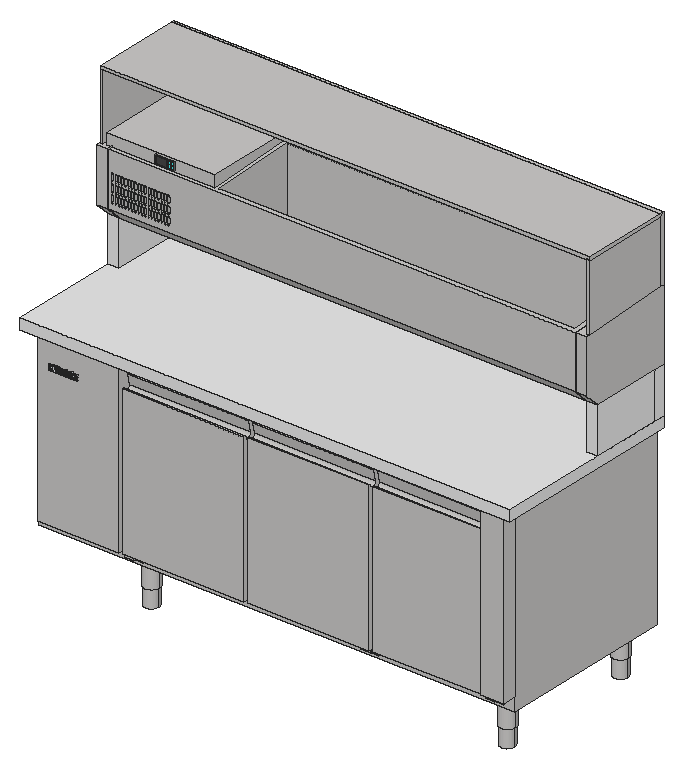
Revit family "QF_ELECTROLUXPROFESSIONAL_725190_RCSH3D", category Attrezzature speciali, Revit 2021 (continued)
Definition of nested family "ELX_REF_PZ"
  Lines and regions (mm)
    Split face 33
      outline origin (0, -200, 50) x (1, 0, 0) y (0, 1, 0)
        loop
          arc (-163.464, 227.824) -> (-167.464, 223.824) -> (-163.464, 219.824) r 4
          line (-163.464, 219.824) -> (-121.464, 219.824)
          arc (-121.464, 219.824) -> (-117.464, 223.824) -> (-121.464, 227.824) r 4
          line (-121.464, 227.824) -> (-163.464, 227.824)
    Split face 34
      outline origin (330, -200, 50) x (1, 0, 0) y (0, 1, 0)
        loop
          arc (-328.464, 227.824) -> (-332.464, 223.824) -> (-328.464, 219.824) r 4
          line (-328.464, 219.824) -> (-286.464, 219.824)
          arc (-286.464, 219.824) -> (-282.464, 223.824) -> (-286.464, 227.824) r 4
          line (-286.464, 227.824) -> (-328.464, 227.824)
    Split face 35
      outline origin (110, -200, 50) x (1, 0, 0) y (0, 1, 0)
        loop
          arc (-218.464, 227.824) -> (-222.464, 223.824) -> (-218.464, 219.824) r 4
          line (-218.464, 219.824) -> (-176.464, 219.824)
          arc (-176.464, 219.824) -> (-172.464, 223.824) -> (-176.464, 227.824) r 4
          line (-176.464, 227.824) -> (-218.464, 227.824)
    Split face 36
      outline origin (220, -200, 50) x (1, 0, 0) y (0, 1, 0)
        loop
          arc (-273.464, 227.824) -> (-277.464, 223.824) -> (-273.464, 219.824) r 4
          line (-273.464, 219.824) -> (-231.464, 219.824)
          arc (-231.464, 219.824) -> (-227.464, 223.824) -> (-231.464, 227.824) r 4
          line (-231.464, 227.824) -> (-273.464, 227.824)
    Split face 37
      outline origin (0, -224, 50) x (1, 0, 0) y (0, 1, 0)
        loop
          arc (-163.464, 239.824) -> (-167.464, 235.824) -> (-163.464, 231.824) r 4
          line (-163.464, 231.824) -> (-121.464, 231.824)
          arc (-121.464, 231.824) -> (-117.464, 235.824) -> (-121.464, 239.824) r 4
          line (-121.464, 239.824) -> (-163.464, 239.824)
    Split face 38
      outline origin (330, -224, 50) x (1, 0, 0) y (0, 1, 0)
        loop
          arc (-328.464, 239.824) -> (-332.464, 235.824) -> (-328.464, 231.824) r 4
          line (-328.464, 231.824) -> (-286.464, 231.824)
          arc (-286.464, 231.824) -> (-282.464, 235.824) -> (-286.464, 239.824) r 4
          line (-286.464, 239.824) -> (-328.464, 239.824)
    Split face 39
      outline origin (110, -224, 50) x (1, 0, 0) y (0, 1, 0)
        loop
          arc (-218.464, 239.824) -> (-222.464, 235.824) -> (-218.464, 231.824) r 4
          line (-218.464, 231.824) -> (-176.464, 231.824)
          arc (-176.464, 231.824) -> (-172.464, 235.824) -> (-176.464, 239.824) r 4
          line (-176.464, 239.824) -> (-218.464, 239.824)
    Split face 40
      outline origin (220, -224, 50) x (1, 0, 0) y (0, 1, 0)
        loop
          arc (-273.464, 239.824) -> (-277.464, 235.824) -> (-273.464, 231.824) r 4
          line (-273.464, 231.824) -> (-231.464, 231.824)
          arc (-231.464, 231.824) -> (-227.464, 235.824) -> (-231.464, 239.824) r 4
          line (-231.464, 239.824) -> (-273.464, 239.824)
    Split face 41
      outline origin (0, -248, 50) x (1, 0, 0) y (0, 1, 0)
        loop
          arc (-163.464, 251.824) -> (-167.464, 247.824) -> (-163.464, 243.824) r 4
          line (-163.464, 243.824) -> (-121.464, 243.824)
          arc (-121.464, 243.824) -> (-117.464, 247.824) -> (-121.464, 251.824) r 4
          line (-121.464, 251.824) -> (-163.464, 251.824)
    Split face 42
      outline origin (330, -248, 50) x (1, 0, 0) y (0, 1, 0)
        loop
          arc (-328.464, 251.824) -> (-332.464, 247.824) -> (-328.464, 243.824) r 4
          line (-328.464, 243.824) -> (-286.464, 243.824)
          arc (-286.464, 243.824) -> (-282.464, 247.824) -> (-286.464, 251.824) r 4
          line (-286.464, 251.824) -> (-328.464, 251.824)
    Split face 43
      outline origin (110, -248, 50) x (1, 0, 0) y (0, 1, 0)
        loop
          arc (-218.464, 251.824) -> (-222.464, 247.824) -> (-218.464, 243.824) r 4
          line (-218.464, 243.824) -> (-176.464, 243.824)
          arc (-176.464, 243.824) -> (-172.464, 247.824) -> (-176.464, 251.824) r 4
          line (-176.464, 251.824) -> (-218.464, 251.824)
    Split face 44
      outline origin (220, -248, 50) x (1, 0, 0) y (0, 1, 0)
        loop
          arc (-273.464, 251.824) -> (-277.464, 247.824) -> (-273.464, 243.824) r 4
          line (-273.464, 243.824) -> (-231.464, 243.824)
          arc (-231.464, 243.824) -> (-227.464, 247.824) -> (-231.464, 251.824) r 4
          line (-231.464, 251.824) -> (-273.464, 251.824)
    Split face 45
      outline origin (0, -272, 50) x (1, 0, 0) y (0, 1, 0)
        loop
          arc (-163.464, 263.824) -> (-167.464, 259.824) -> (-163.464, 255.824) r 4
          line (-163.464, 255.824) -> (-121.464, 255.824)
          arc (-121.464, 255.824) -> (-117.464, 259.824) -> (-121.464, 263.824) r 4
          line (-121.464, 263.824) -> (-163.464, 263.824)
    Split face 46
      outline origin (330, -272, 50) x (1, 0, 0) y (0, 1, 0)
        loop
          arc (-328.464, 263.824) -> (-332.464, 259.824) -> (-328.464, 255.824) r 4
          line (-328.464, 255.824) -> (-286.464, 255.824)
          arc (-286.464, 255.824) -> (-282.464, 259.824) -> (-286.464, 263.824) r 4
          line (-286.464, 263.824) -> (-328.464, 263.824)
    Split face 47
      outline origin (110, -272, 50) x (1, 0, 0) y (0, 1, 0)
        loop
          arc (-218.464, 263.824) -> (-222.464, 259.824) -> (-218.464, 255.824) r 4
          line (-218.464, 255.824) -> (-176.464, 255.824)
          arc (-176.464, 255.824) -> (-172.464, 259.824) -> (-176.464, 263.824) r 4
          line (-176.464, 263.824) -> (-218.464, 263.824)
    Split face 48
      outline origin (220, -272, 50) x (1, 0, 0) y (0, 1, 0)
        loop
          arc (-273.464, 263.824) -> (-277.464, 259.824) -> (-273.464, 255.824) r 4
          line (-273.464, 255.824) -> (-231.464, 255.824)
          arc (-231.464, 255.824) -> (-227.464, 259.824) -> (-231.464, 263.824) r 4
          line (-231.464, 263.824) -> (-273.464, 263.824)
    Split face 49
      outline origin (0, -296, 50) x (1, 0, 0) y (0, 1, 0)
        loop
          arc (-163.464, 275.824) -> (-167.464, 271.824) -> (-163.464, 267.824) r 4
          line (-163.464, 267.824) -> (-121.464, 267.824)
          arc (-121.464, 267.824) -> (-117.464, 271.824) -> (-121.464, 275.824) r 4
          line (-121.464, 275.824) -> (-163.464, 275.824)
    Split face 50
      outline origin (330, -296, 50) x (1, 0, 0) y (0, 1, 0)
        loop
          arc (-328.464, 275.824) -> (-332.464, 271.824) -> (-328.464, 267.824) r 4
          line (-328.464, 267.824) -> (-286.464, 267.824)
          arc (-286.464, 267.824) -> (-282.464, 271.824) -> (-286.464, 275.824) r 4
          line (-286.464, 275.824) -> (-328.464, 275.824)
    Split face 51
      outline origin (110, -296, 50) x (1, 0, 0) y (0, 1, 0)
        loop
          arc (-218.464, 275.824) -> (-222.464, 271.824) -> (-218.464, 267.824) r 4
          line (-218.464, 267.824) -> (-176.464, 267.824)
          arc (-176.464, 267.824) -> (-172.464, 271.824) -> (-176.464, 275.824) r 4
          line (-176.464, 275.824) -> (-218.464, 275.824)
    Split face 52
      outline origin (220, -296, 50) x (1, 0, 0) y (0, 1, 0)
        loop
          arc (-273.464, 275.824) -> (-277.464, 271.824) -> (-273.464, 267.824) r 4
          line (-273.464, 267.824) -> (-231.464, 267.824)
          arc (-231.464, 267.824) -> (-227.464, 271.824) -> (-231.464, 275.824) r 4
          line (-231.464, 275.824) -> (-273.464, 275.824)
    Split face 53
      outline origin (0, -663.3, 50) x (1, 0, 0) y (0, 1, 0)
        loop
          arc (-163.464, 513.474) -> (-167.464, 509.474) -> (-163.464, 505.474) r 4
          line (-163.464, 505.474) -> (-121.464, 505.474)
          arc (-121.464, 505.474) -> (-117.464, 509.474) -> (-121.464, 513.474) r 4
          line (-121.464, 513.474) -> (-163.464, 513.474)
    Split face 54
      outline origin (330, -663.3, 50) x (1, 0, 0) y (0, 1, 0)
        loop
          arc (-328.464, 513.474) -> (-332.464, 509.474) -> (-328.464, 505.474) r 4
          line (-328.464, 505.474) -> (-286.464, 505.474)
          arc (-286.464, 505.474) -> (-282.464, 509.474) -> (-286.464, 513.474) r 4
          line (-286.464, 513.474) -> (-328.464, 513.474)
    Split face 55
      outline origin (110, -663.3, 50) x (1, 0, 0) y (0, 1, 0)
        loop
          arc (-218.464, 513.474) -> (-222.464, 509.474) -> (-218.464, 505.474) r 4
          line (-218.464, 505.474) -> (-176.464, 505.474)
          arc (-176.464, 505.474) -> (-172.464, 509.474) -> (-176.464, 513.474) r 4
          line (-176.464, 513.474) -> (-218.464, 513.474)
    Split face 56
      outline origin (220, -663.3, 50) x (1, 0, 0) y (0, 1, 0)
        loop
          arc (-273.464, 513.474) -> (-277.464, 509.474) -> (-273.464, 505.474) r 4
          line (-273.464, 505.474) -> (-231.464, 505.474)
          arc (-231.464, 505.474) -> (-227.464, 509.474) -> (-231.464, 513.474) r 4
          line (-231.464, 513.474) -> (-273.464, 513.474)
    Split face 57
      outline origin (0, -687.3, 50) x (1, 0, 0) y (0, 1, 0)
        loop
          arc (-163.464, 525.474) -> (-167.464, 521.474) -> (-163.464, 517.474) r 4
          line (-163.464, 517.474) -> (-121.464, 517.474)
          arc (-121.464, 517.474) -> (-117.464, 521.474) -> (-121.464, 525.474) r 4
          line (-121.464, 525.474) -> (-163.464, 525.474)
    Split face 58
      outline origin (330, -687.3, 50) x (1, 0, 0) y (0, 1, 0)
        loop
          arc (-328.464, 525.474) -> (-332.464, 521.474) -> (-328.464, 517.474) r 4
          line (-328.464, 517.474) -> (-286.464, 517.474)
          arc (-286.464, 517.474) -> (-282.464, 521.474) -> (-286.464, 525.474) r 4
          line (-286.464, 525.474) -> (-328.464, 525.474)
    Split face 59
      outline origin (110, -687.3, 50) x (1, 0, 0) y (0, 1, 0)
        loop
          arc (-218.464, 525.474) -> (-222.464, 521.474) -> (-218.464, 517.474) r 4
          line (-218.464, 517.474) -> (-176.464, 517.474)
          arc (-176.464, 517.474) -> (-172.464, 521.474) -> (-176.464, 525.474) r 4
          line (-176.464, 525.474) -> (-218.464, 525.474)
    Split face 60
      outline origin (220, -687.3, 50) x (1, 0, 0) y (0, 1, 0)
        loop
          arc (-273.464, 525.474) -> (-277.464, 521.474) -> (-273.464, 517.474) r 4
          line (-273.464, 517.474) -> (-231.464, 517.474)
          arc (-231.464, 517.474) -> (-227.464, 521.474) -> (-231.464, 525.474) r 4
          line (-231.464, 525.474) -> (-273.464, 525.474)
    Split face 61
      outline origin (0, -711.3, 50) x (1, 0, 0) y (0, 1, 0)
        loop
          arc (-163.464, 537.474) -> (-167.464, 533.474) -> (-163.464, 529.474) r 4
          line (-163.464, 529.474) -> (-121.464, 529.474)
          arc (-121.464, 529.474) -> (-117.464, 533.474) -> (-121.464, 537.474) r 4
          line (-121.464, 537.474) -> (-163.464, 537.474)
    Split face 62
      outline origin (330, -711.3, 50) x (1, 0, 0) y (0, 1, 0)
        loop
          arc (-328.464, 537.474) -> (-332.464, 533.474) -> (-328.464, 529.474) r 4
          line (-328.464, 529.474) -> (-286.464, 529.474)
          arc (-286.464, 529.474) -> (-282.464, 533.474) -> (-286.464, 537.474) r 4
          line (-286.464, 537.474) -> (-328.464, 537.474)
    Split face 63
      outline origin (110, -711.3, 50) x (1, 0, 0) y (0, 1, 0)
        loop
          arc (-218.464, 537.474) -> (-222.464, 533.474) -> (-218.464, 529.474) r 4
          line (-218.464, 529.474) -> (-176.464, 529.474)
          arc (-176.464, 529.474) -> (-172.464, 533.474) -> (-176.464, 537.474) r 4
          line (-176.464, 537.474) -> (-218.464, 537.474)
    Split face 64
      outline origin (220, -711.3, 50) x (1, 0, 0) y (0, 1, 0)
        loop
          arc (-273.464, 537.474) -> (-277.464, 533.474) -> (-273.464, 529.474) r 4
          line (-273.464, 529.474) -> (-231.464, 529.474)
          arc (-231.464, 529.474) -> (-227.464, 533.474) -> (-231.464, 537.474) r 4
          line (-231.464, 537.474) -> (-273.464, 537.474)
    Split face 65
      outline origin (0, -735.3, 50) x (1, 0, 0) y (0, 1, 0)
        loop
          arc (-163.464, 549.474) -> (-167.464, 545.474) -> (-163.464, 541.474) r 4
          line (-163.464, 541.474) -> (-121.464, 541.474)
          arc (-121.464, 541.474) -> (-117.464, 545.474) -> (-121.464, 549.474) r 4
          line (-121.464, 549.474) -> (-163.464, 549.474)
    Split face 66
      outline origin (330, -735.3, 50) x (1, 0, 0) y (0, 1, 0)
        loop
          arc (-328.464, 549.474) -> (-332.464, 545.474) -> (-328.464, 541.474) r 4
          line (-328.464, 541.474) -> (-286.464, 541.474)
          arc (-286.464, 541.474) -> (-282.464, 545.474) -> (-286.464, 549.474) r 4
          line (-286.464, 549.474) -> (-328.464, 549.474)
    Split face 67
      outline origin (110, -735.3, 50) x (1, 0, 0) y (0, 1, 0)
        loop
          arc (-218.464, 549.474) -> (-222.464, 545.474) -> (-218.464, 541.474) r 4
          line (-218.464, 541.474) -> (-176.464, 541.474)
          arc (-176.464, 541.474) -> (-172.464, 545.474) -> (-176.464, 549.474) r 4
          line (-176.464, 549.474) -> (-218.464, 549.474)
    Split face 68
      outline origin (220, -735.3, 50) x (1, 0, 0) y (0, 1, 0)
        loop
          arc (-273.464, 549.474) -> (-277.464, 545.474) -> (-273.464, 541.474) r 4
          line (-273.464, 541.474) -> (-231.464, 541.474)
          arc (-231.464, 541.474) -> (-227.464, 545.474) -> (-231.464, 549.474) r 4
          line (-231.464, 549.474) -> (-273.464, 549.474)
    Split face 69
      outline origin (0, -759.3, 50) x (1, 0, 0) y (0, 1, 0)
        loop
          arc (-163.464, 561.474) -> (-167.464, 557.474) -> (-163.464, 553.474) r 4
          line (-163.464, 553.474) -> (-121.464, 553.474)
          arc (-121.464, 553.474) -> (-117.464, 557.474) -> (-121.464, 561.474) r 4
          line (-121.464, 561.474) -> (-163.464, 561.474)
    Split face 70
      outline origin (330, -759.3, 50) x (1, 0, 0) y (0, 1, 0)
        loop
          arc (-328.464, 561.474) -> (-332.464, 557.474) -> (-328.464, 553.474) r 4
          line (-328.464, 553.474) -> (-286.464, 553.474)
          arc (-286.464, 553.474) -> (-282.464, 557.474) -> (-286.464, 561.474) r 4
          line (-286.464, 561.474) -> (-328.464, 561.474)
    Split face 71
      outline origin (110, -759.3, 50) x (1, 0, 0) y (0, 1, 0)
        loop
          arc (-218.464, 561.474) -> (-222.464, 557.474) -> (-218.464, 553.474) r 4
          line (-218.464, 553.474) -> (-176.464, 553.474)
          arc (-176.464, 553.474) -> (-172.464, 557.474) -> (-176.464, 561.474) r 4
          line (-176.464, 561.474) -> (-218.464, 561.474)
    Split face 72
      outline origin (220, -759.3, 50) x (1, 0, 0) y (0, 1, 0)
        loop
          arc (-273.464, 561.474) -> (-277.464, 557.474) -> (-273.464, 553.474) r 4
          line (-273.464, 553.474) -> (-231.464, 553.474)
          arc (-231.464, 553.474) -> (-227.464, 557.474) -> (-231.464, 561.474) r 4
          line (-231.464, 561.474) -> (-273.464, 561.474)
    Split face 73
      outline origin (0, -783.3, 50) x (1, 0, 0) y (0, 1, 0)
        loop
          arc (-163.464, 573.474) -> (-167.464, 569.474) -> (-163.464, 565.474) r 4
          line (-163.464, 565.474) -> (-121.464, 565.474)
          arc (-121.464, 565.474) -> (-117.464, 569.474) -> (-121.464, 573.474) r 4
          line (-121.464, 573.474) -> (-163.464, 573.474)
    Split face 74
      outline origin (330, -783.3, 50) x (1, 0, 0) y (0, 1, 0)
        loop
          arc (-328.464, 573.474) -> (-332.464, 569.474) -> (-328.464, 565.474) r 4
          line (-328.464, 565.474) -> (-286.464, 565.474)
          arc (-286.464, 565.474) -> (-282.464, 569.474) -> (-286.464, 573.474) r 4
          line (-286.464, 573.474) -> (-328.464, 573.474)
    Split face 75
      outline origin (110, -783.3, 50) x (1, 0, 0) y (0, 1, 0)
        loop
          arc (-218.464, 573.474) -> (-222.464, 569.474) -> (-218.464, 565.474) r 4
          line (-218.464, 565.474) -> (-176.464, 565.474)
          arc (-176.464, 565.474) -> (-172.464, 569.474) -> (-176.464, 573.474) r 4
          line (-176.464, 573.474) -> (-218.464, 573.474)
    Split face 76
      outline origin (220, -783.3, 50) x (1, 0, 0) y (0, 1, 0)
        loop
          arc (-273.464, 573.474) -> (-277.464, 569.474) -> (-273.464, 565.474) r 4
          line (-273.464, 565.474) -> (-231.464, 565.474)
          arc (-231.464, 565.474) -> (-227.464, 569.474) -> (-231.464, 573.474) r 4
          line (-231.464, 573.474) -> (-273.464, 573.474)
    Split face 77
      outline origin (0, -807.3, 50) x (1, 0, 0) y (0, 1, 0)
        loop
          arc (-163.464, 585.474) -> (-167.464, 581.474) -> (-163.464, 577.474) r 4
          line (-163.464, 577.474) -> (-121.464, 577.474)
          arc (-121.464, 577.474) -> (-117.464, 581.474) -> (-121.464, 585.474) r 4
          line (-121.464, 585.474) -> (-163.464, 585.474)
    Split face 78
      outline origin (330, -807.3, 50) x (1, 0, 0) y (0, 1, 0)
        loop
          arc (-328.464, 585.474) -> (-332.464, 581.474) -> (-328.464, 577.474) r 4
          line (-328.464, 577.474) -> (-286.464, 577.474)
          arc (-286.464, 577.474) -> (-282.464, 581.474) -> (-286.464, 585.474) r 4
          line (-286.464, 585.474) -> (-328.464, 585.474)
    Split face 79
      outline origin (110, -807.3, 50) x (1, 0, 0) y (0, 1, 0)
        loop
          arc (-218.464, 585.474) -> (-222.464, 581.474) -> (-218.464, 577.474) r 4
          line (-218.464, 577.474) -> (-176.464, 577.474)
          arc (-176.464, 577.474) -> (-172.464, 581.474) -> (-176.464, 585.474) r 4
          line (-176.464, 585.474) -> (-218.464, 585.474)
    Split face 80
      outline origin (220, -807.3, 50) x (1, 0, 0) y (0, 1, 0)
        loop
          arc (-273.464, 585.474) -> (-277.464, 581.474) -> (-273.464, 577.474) r 4
          line (-273.464, 577.474) -> (-231.464, 577.474)
          arc (-231.464, 577.474) -> (-227.464, 581.474) -> (-231.464, 585.474) r 4
          line (-231.464, 585.474) -> (-273.464, 585.474)
    Split face 81
      outline origin (0, -831.3, 50) x (1, 0, 0) y (0, 1, 0)
        loop
          arc (-163.464, 597.474) -> (-167.464, 593.474) -> (-163.464, 589.474) r 4
          line (-163.464, 589.474) -> (-121.464, 589.474)
          arc (-121.464, 589.474) -> (-117.464, 593.474) -> (-121.464, 597.474) r 4
          line (-121.464, 597.474) -> (-163.464, 597.474)
    Split face 82
      outline origin (330, -831.3, 50) x (1, 0, 0) y (0, 1, 0)
        loop
          arc (-328.464, 597.474) -> (-332.464, 593.474) -> (-328.464, 589.474) r 4
          line (-328.464, 589.474) -> (-286.464, 589.474)
          arc (-286.464, 589.474) -> (-282.464, 593.474) -> (-286.464, 597.474) r 4
          line (-286.464, 597.474) -> (-328.464, 597.474)
    Split face 83
      outline origin (110, -831.3, 50) x (1, 0, 0) y (0, 1, 0)
        loop
          arc (-218.464, 597.474) -> (-222.464, 593.474) -> (-218.464, 589.474) r 4
          line (-218.464, 589.474) -> (-176.464, 589.474)
          arc (-176.464, 589.474) -> (-172.464, 593.474) -> (-176.464, 597.474) r 4
          line (-176.464, 597.474) -> (-218.464, 597.474)
    Split face 84
      outline origin (220, -831.3, 50) x (1, 0, 0) y (0, 1, 0)
        loop
          arc (-273.464, 597.474) -> (-277.464, 593.474) -> (-273.464, 589.474) r 4
          line (-273.464, 589.474) -> (-231.464, 589.474)
          arc (-231.464, 589.474) -> (-227.464, 593.474) -> (-231.464, 597.474) r 4
          line (-231.464, 597.474) -> (-273.464, 597.474)
    Split face 85
      outline origin (0, -855.3, 50) x (1, 0, 0) y (0, 1, 0)
        loop
          arc (-163.464, 609.474) -> (-167.464, 605.474) -> (-163.464, 601.474) r 4
          line (-163.464, 601.474) -> (-121.464, 601.474)
          arc (-121.464, 601.474) -> (-117.464, 605.474) -> (-121.464, 609.474) r 4
          line (-121.464, 609.474) -> (-163.464, 609.474)
    Split face 86
      outline origin (330, -855.3, 50) x (1, 0, 0) y (0, 1, 0)
        loop
          arc (-328.464, 609.474) -> (-332.464, 605.474) -> (-328.464, 601.474) r 4
          line (-328.464, 601.474) -> (-286.464, 601.474)
          arc (-286.464, 601.474) -> (-282.464, 605.474) -> (-286.464, 609.474) r 4
          line (-286.464, 609.474) -> (-328.464, 609.474)
    Split face 87
      outline origin (110, -855.3, 50) x (1, 0, 0) y (0, 1, 0)
        loop
          arc (-218.464, 609.474) -> (-222.464, 605.474) -> (-218.464, 601.474) r 4
          line (-218.464, 601.474) -> (-176.464, 601.474)
          arc (-176.464, 601.474) -> (-172.464, 605.474) -> (-176.464, 609.474) r 4
          line (-176.464, 609.474) -> (-218.464, 609.474)
    Split face 88
      outline origin (220, -855.3, 50) x (1, 0, 0) y (0, 1, 0)
        loop
          arc (-273.464, 609.474) -> (-277.464, 605.474) -> (-273.464, 601.474) r 4
          line (-273.464, 601.474) -> (-231.464, 601.474)
          arc (-231.464, 601.474) -> (-227.464, 605.474) -> (-231.464, 609.474) r 4
          line (-231.464, 609.474) -> (-273.464, 609.474)
    Split face 89
      outline origin (0, -879.3, 50) x (1, 0, 0) y (0, 1, 0)
        loop
          arc (-163.464, 621.474) -> (-167.464, 617.474) -> (-163.464, 613.474) r 4
          line (-163.464, 613.474) -> (-121.464, 613.474)
          arc (-121.464, 613.474) -> (-117.464, 617.474) -> (-121.464, 621.474) r 4
          line (-121.464, 621.474) -> (-163.464, 621.474)
    Split face 90
      outline origin (330, -879.3, 50) x (1, 0, 0) y (0, 1, 0)
        loop
          arc (-328.464, 621.474) -> (-332.464, 617.474) -> (-328.464, 613.474) r 4
          line (-328.464, 613.474) -> (-286.464, 613.474)
          arc (-286.464, 613.474) -> (-282.464, 617.474) -> (-286.464, 621.474) r 4
          line (-286.464, 621.474) -> (-328.464, 621.474)
    Split face 91
      outline origin (110, -879.3, 50) x (1, 0, 0) y (0, 1, 0)
        loop
          arc (-218.464, 621.474) -> (-222.464, 617.474) -> (-218.464, 613.474) r 4
          line (-218.464, 613.474) -> (-176.464, 613.474)
          arc (-176.464, 613.474) -> (-172.464, 617.474) -> (-176.464, 621.474) r 4
          line (-176.464, 621.474) -> (-218.464, 621.474)
    Split face 92
      outline origin (220, -879.3, 50) x (1, 0, 0) y (0, 1, 0)
        loop
          arc (-273.464, 621.474) -> (-277.464, 617.474) -> (-273.464, 613.474) r 4
          line (-273.464, 613.474) -> (-231.464, 613.474)
          arc (-231.464, 613.474) -> (-227.464, 617.474) -> (-231.464, 621.474) r 4
          line (-231.464, 621.474) -> (-273.464, 621.474)
    Split face 93
      outline origin (0, -903.3, 50) x (1, 0, 0) y (0, 1, 0)
        loop
          arc (-163.464, 633.474) -> (-167.464, 629.474) -> (-163.464, 625.474) r 4
          line (-163.464, 625.474) -> (-121.464, 625.474)
          arc (-121.464, 625.474) -> (-117.464, 629.474) -> (-121.464, 633.474) r 4
          line (-121.464, 633.474) -> (-163.464, 633.474)
    Split face 94
      outline origin (330, -903.3, 50) x (1, 0, 0) y (0, 1, 0)
        loop
          arc (-328.464, 633.474) -> (-332.464, 629.474) -> (-328.464, 625.474) r 4
          line (-328.464, 625.474) -> (-286.464, 625.474)
          arc (-286.464, 625.474) -> (-282.464, 629.474) -> (-286.464, 633.474) r 4
          line (-286.464, 633.474) -> (-328.464, 633.474)
    Split face 95
      outline origin (110, -903.3, 50) x (1, 0, 0) y (0, 1, 0)
        loop
          arc (-218.464, 633.474) -> (-222.464, 629.474) -> (-218.464, 625.474) r 4
          line (-218.464, 625.474) -> (-176.464, 625.474)
          arc (-176.464, 625.474) -> (-172.464, 629.474) -> (-176.464, 633.474) r 4
          line (-176.464, 633.474) -> (-218.464, 633.474)
    Split face 96
      outline origin (220, -903.3, 50) x (1, 0, 0) y (0, 1, 0)
        loop
          arc (-273.464, 633.474) -> (-277.464, 629.474) -> (-273.464, 625.474) r 4
          line (-273.464, 625.474) -> (-231.464, 625.474)
          arc (-231.464, 625.474) -> (-227.464, 629.474) -> (-231.464, 633.474) r 4
          line (-231.464, 633.474) -> (-273.464, 633.474)
    Split face 97
      outline origin (0, -927.3, 50) x (1, 0, 0) y (0, 1, 0)
        loop
          arc (-163.464, 645.474) -> (-167.464, 641.474) -> (-163.464, 637.474) r 4
          line (-163.464, 637.474) -> (-121.464, 637.474)
          arc (-121.464, 637.474) -> (-117.464, 641.474) -> (-121.464, 645.474) r 4
          line (-121.464, 645.474) -> (-163.464, 645.474)
    Split face 98
      outline origin (330, -927.3, 50) x (1, 0, 0) y (0, 1, 0)
        loop
          arc (-328.464, 645.474) -> (-332.464, 641.474) -> (-328.464, 637.474) r 4
          line (-328.464, 637.474) -> (-286.464, 637.474)
          arc (-286.464, 637.474) -> (-282.464, 641.474) -> (-286.464, 645.474) r 4
          line (-286.464, 645.474) -> (-328.464, 645.474)
    Split face 99
      outline origin (110, -927.3, 50) x (1, 0, 0) y (0, 1, 0)
        loop
          arc (-218.464, 645.474) -> (-222.464, 641.474) -> (-218.464, 637.474) r 4
          line (-218.464, 637.474) -> (-176.464, 637.474)
          arc (-176.464, 637.474) -> (-172.464, 641.474) -> (-176.464, 645.474) r 4
          line (-176.464, 645.474) -> (-218.464, 645.474)
    Split face 100
      outline origin (220, -927.3, 50) x (1, 0, 0) y (0, 1, 0)
        loop
          arc (-273.464, 645.474) -> (-277.464, 641.474) -> (-273.464, 637.474) r 4
          line (-273.464, 637.474) -> (-231.464, 637.474)
          arc (-231.464, 637.474) -> (-227.464, 641.474) -> (-231.464, 645.474) r 4
          line (-231.464, 645.474) -> (-273.464, 645.474)
    Split face 101
      outline origin (0, -951.3, 50) x (1, 0, 0) y (0, 1, 0)
        loop
          arc (-163.464, 657.474) -> (-167.464, 653.474) -> (-163.464, 649.474) r 4
          line (-163.464, 649.474) -> (-121.464, 649.474)
          arc (-121.464, 649.474) -> (-117.464, 653.474) -> (-121.464, 657.474) r 4
          line (-121.464, 657.474) -> (-163.464, 657.474)
    Split face 102
      outline origin (330, -951.3, 50) x (1, 0, 0) y (0, 1, 0)
        loop
          arc (-328.464, 657.474) -> (-332.464, 653.474) -> (-328.464, 649.474) r 4
          line (-328.464, 649.474) -> (-286.464, 649.474)
          arc (-286.464, 649.474) -> (-282.464, 653.474) -> (-286.464, 657.474) r 4
          line (-286.464, 657.474) -> (-328.464, 657.474)
    Split face 103
      outline origin (110, -951.3, 50) x (1, 0, 0) y (0, 1, 0)
        loop
          arc (-218.464, 657.474) -> (-222.464, 653.474) -> (-218.464, 649.474) r 4
          line (-218.464, 649.474) -> (-176.464, 649.474)
          arc (-176.464, 649.474) -> (-172.464, 653.474) -> (-176.464, 657.474) r 4
          line (-176.464, 657.474) -> (-218.464, 657.474)
    Split face 104
      outline origin (220, -951.3, 50) x (1, 0, 0) y (0, 1, 0)
        loop
          arc (-273.464, 657.474) -> (-277.464, 653.474) -> (-273.464, 649.474) r 4
          line (-273.464, 649.474) -> (-231.464, 649.474)
          arc (-231.464, 649.474) -> (-227.464, 653.474) -> (-231.464, 657.474) r 4
          line (-231.464, 657.474) -> (-273.464, 657.474)
    Split face 105
      outline origin (0, -975.3, 50) x (1, 0, 0) y (0, 1, 0)
        loop
          arc (-163.464, 669.474) -> (-167.464, 665.474) -> (-163.464, 661.474) r 4
          line (-163.464, 661.474) -> (-121.464, 661.474)
          arc (-121.464, 661.474) -> (-117.464, 665.474) -> (-121.464, 669.474) r 4
          line (-121.464, 669.474) -> (-163.464, 669.474)
    Split face 106
      outline origin (330, -975.3, 50) x (1, 0, 0) y (0, 1, 0)
        loop
          arc (-328.464, 669.474) -> (-332.464, 665.474) -> (-328.464, 661.474) r 4
          line (-328.464, 661.474) -> (-286.464, 661.474)
          arc (-286.464, 661.474) -> (-282.464, 665.474) -> (-286.464, 669.474) r 4
          line (-286.464, 669.474) -> (-328.464, 669.474)
    Split face 107
      outline origin (110, -975.3, 50) x (1, 0, 0) y (0, 1, 0)
        loop
          arc (-218.464, 669.474) -> (-222.464, 665.474) -> (-218.464, 661.474) r 4
          line (-218.464, 661.474) -> (-176.464, 661.474)
          arc (-176.464, 661.474) -> (-172.464, 665.474) -> (-176.464, 669.474) r 4
          line (-176.464, 669.474) -> (-218.464, 669.474)
    Split face 108
      outline origin (220, -975.3, 50) x (1, 0, 0) y (0, 1, 0)
        loop
          arc (-273.464, 669.474) -> (-277.464, 665.474) -> (-273.464, 661.474) r 4
          line (-273.464, 661.474) -> (-231.464, 661.474)
          arc (-231.464, 661.474) -> (-227.464, 665.474) -> (-231.464, 669.474) r 4
          line (-231.464, 669.474) -> (-273.464, 669.474)
    Split face 109
      outline origin (0, -999.3, 50) x (1, 0, 0) y (0, 1, 0)
        loop
          arc (-163.464, 681.474) -> (-167.464, 677.474) -> (-163.464, 673.474) r 4
          line (-163.464, 673.474) -> (-121.464, 673.474)
          arc (-121.464, 673.474) -> (-117.464, 677.474) -> (-121.464, 681.474) r 4
          line (-121.464, 681.474) -> (-163.464, 681.474)
    Split face 110
      outline origin (330, -999.3, 50) x (1, 0, 0) y (0, 1, 0)
        loop
          arc (-328.464, 681.474) -> (-332.464, 677.474) -> (-328.464, 673.474) r 4
          line (-328.464, 673.474) -> (-286.464, 673.474)
          arc (-286.464, 673.474) -> (-282.464, 677.474) -> (-286.464, 681.474) r 4
          line (-286.464, 681.474) -> (-328.464, 681.474)
    Split face 111
      outline origin (110, -999.3, 50) x (1, 0, 0) y (0, 1, 0)
        loop
          arc (-218.464, 681.474) -> (-222.464, 677.474) -> (-218.464, 673.474) r 4
          line (-218.464, 673.474) -> (-176.464, 673.474)
          arc (-176.464, 673.474) -> (-172.464, 677.474) -> (-176.464, 681.474) r 4
          line (-176.464, 681.474) -> (-218.464, 681.474)
    Split face 112
      outline origin (220, -999.3, 50) x (1, 0, 0) y (0, 1, 0)
        loop
          arc (-273.464, 681.474) -> (-277.464, 677.474) -> (-273.464, 673.474) r 4
          line (-273.464, 673.474) -> (-231.464, 673.474)
          arc (-231.464, 673.474) -> (-227.464, 677.474) -> (-231.464, 681.474) r 4
          line (-231.464, 681.474) -> (-273.464, 681.474)
    Split face 113
      outline origin (0, -1023.3, 50) x (1, 0, 0) y (0, 1, 0)
        loop
          arc (-163.464, 693.474) -> (-167.464, 689.474) -> (-163.464, 685.474) r 4
          line (-163.464, 685.474) -> (-121.464, 685.474)
          arc (-121.464, 685.474) -> (-117.464, 689.474) -> (-121.464, 693.474) r 4
          line (-121.464, 693.474) -> (-163.464, 693.474)
    Split face 114
      outline origin (330, -1023.3, 50) x (1, 0, 0) y (0, 1, 0)
        loop
          arc (-328.464, 693.474) -> (-332.464, 689.474) -> (-328.464, 685.474) r 4
          line (-328.464, 685.474) -> (-286.464, 685.474)
          arc (-286.464, 685.474) -> (-282.464, 689.474) -> (-286.464, 693.474) r 4
          line (-286.464, 693.474) -> (-328.464, 693.474)
    Split face 115
      outline origin (110, -1023.3, 50) x (1, 0, 0) y (0, 1, 0)
        loop
          arc (-218.464, 693.474) -> (-222.464, 689.474) -> (-218.464, 685.474) r 4
          line (-218.464, 685.474) -> (-176.464, 685.474)
          arc (-176.464, 685.474) -> (-172.464, 689.474) -> (-176.464, 693.474) r 4
          line (-176.464, 693.474) -> (-218.464, 693.474)
    Split face 116
      outline origin (220, -1023.3, 50) x (1, 0, 0) y (0, 1, 0)
        loop
          arc (-273.464, 693.474) -> (-277.464, 689.474) -> (-273.464, 685.474) r 4
          line (-273.464, 685.474) -> (-231.464, 685.474)
          arc (-231.464, 685.474) -> (-227.464, 689.474) -> (-231.464, 693.474) r 4
          line (-231.464, 693.474) -> (-273.464, 693.474)
    Split face 117
      outline origin (0, 0, 50) x (1, 0, 0) y (0, 1, 0)
        loop
          line (-206.92, 142) -> (87.08, 142)
    Split face 118
      outline origin (0, 0, 50) x (1, 0, 0) y (0, 1, 0)
        loop
          line (-206.92, 192) -> (-187.489, 192) -> (-174.489, 187) -> (-94.489, 187) -> (-81.489, 192) -> (87.08, 192)
    Split face 119
      outline origin (0, 0, 50) x (1, 0, 0) y (0, 1, 0)
        loop
          line (-206.92, 197) -> (87.08, 197)
    Split face 120
      outline origin (0, 0, 50) x (1, 0, 0) y (0, 1, 0)
        loop
          line (-28.8, 185.654) -> (-28.8, 156.136) -> (41.2, 156.136) -> (41.2, 185.654) -> (-28.8, 185.654)
    Split face 121
      outline origin (0, 0, 50) x (1, 0, 0) y (0, 1, 0)
        loop
          line (-25.8, 182.654) -> (-25.8, 159.136) -> (15.775, 159.136) -> (15.775, 182.654) -> (-25.8, 182.654)
    Split face 122
      outline origin (0, 0, 50) x (1, 0, 0) y (0, 1, 0)
        loop
          line (19.2, 182.654) -> (19.2, 171.654) -> (27.2, 171.654) -> (27.2, 182.654) -> (19.2, 182.654)
    Split face 123
      outline origin (0, 0, 50) x (1, 0, 0) y (0, 1, 0)
        loop
          line (30.212, 182.654) -> (30.212, 171.654) -> (38.212, 171.654) -> (38.212, 182.654) -> (30.212, 182.654)
    Split face 124
      outline origin (0, 0, 50) x (1, 0, 0) y (0, 1, 0)
        loop
          line (19.2, 170.136) -> (19.2, 159.136) -> (27.2, 159.136) -> (27.2, 170.136) -> (19.2, 170.136)
    Split face 125
      outline origin (0, 0, 50) x (1, 0, 0) y (0, 1, 0)
        loop
          line (30.212, 170.136) -> (30.212, 159.136) -> (38.212, 159.136) -> (38.212, 170.136) -> (30.212, 170.136)
    symbolic lines
      curve 1: line (87.08, -49, 0) -> (87.08, -49, 50)
  Dimensions and locks
    equal spacing: plane 6, plane 1 "Center (Front/Back)", plane 7
    equal spacing: plane 4, plane 3 "Center (Left/Right)", plane 5
    aligned and locked: plane 2 to Extrusion 1
    aligned and locked: level to Extrusion 1
  Automatic sketch dimensions
    curve 1 to plane 5 = 0 mm
    curve 1 to level = 0 mm
    curve 1 to curve 1 = 50 mm
    Extrusion 1 sketch curve to Extrusion 1 sketch curve = 2438.4 mm  (x2)
    Extrusion 2 sketch curve to plane 4 = 0 mm
    Extrusion 2 sketch curve to plane 5 = 0 mm
    Extrusion 2 sketch curve to plane 7 = 0 mm
    Extrusion 2 sketch curve to plane 6 = 0 mm
    Split face 1 sketch curve to Extrusion 2 = 43.456 mm
    Split face 1 sketch curve to Split face 1 sketch curve = 42 mm
    Split face 1 sketch curve to Extrusion 2 = 136.176 mm
    Split face 1 sketch curve to Split face 1 sketch curve = 4 mm
    Split face 2 sketch curve to Extrusion 2 = 85.544 mm
    Split face 2 sketch curve to Split face 2 sketch curve = 42 mm
    Split face 2 sketch curve to Extrusion 2 = 136.176 mm
    Split face 2 sketch curve to Split face 2 sketch curve = 4 mm
    Split face 3 sketch curve to Extrusion 2 = 98.456 mm
    Split face 3 sketch curve to Split face 3 sketch curve = 42 mm
    Split face 3 sketch curve to Extrusion 2 = 136.176 mm
    Split face 3 sketch curve to Split face 3 sketch curve = 4 mm
    Split face 4 sketch curve to Extrusion 2 = 140.544 mm
    Split face 4 sketch curve to Split face 4 sketch curve = 42 mm
    Split face 4 sketch curve to Extrusion 2 = 136.176 mm
    Split face 4 sketch curve to Split face 4 sketch curve = 4 mm
    Split face 5 sketch curve to Extrusion 2 = 43.456 mm
    Split face 5 sketch curve to Split face 5 sketch curve = 42 mm
    Split face 5 sketch curve to Extrusion 2 = 148.176 mm
    Split face 5 sketch curve to Split face 5 sketch curve = 4 mm
    Split face 6 sketch curve to Extrusion 2 = 85.544 mm
    Split face 6 sketch curve to Split face 6 sketch curve = 42 mm
    Split face 6 sketch curve to Extrusion 2 = 148.176 mm
    Split face 6 sketch curve to Split face 6 sketch curve = 4 mm
    Split face 7 sketch curve to Extrusion 2 = 98.456 mm
    Split face 7 sketch curve to Split face 7 sketch curve = 42 mm
    Split face 7 sketch curve to Extrusion 2 = 148.176 mm
    Split face 7 sketch curve to Split face 7 sketch curve = 4 mm
    Split face 8 sketch curve to Extrusion 2 = 140.544 mm
    Split face 8 sketch curve to Split face 8 sketch curve = 42 mm
    Split face 8 sketch curve to Extrusion 2 = 148.176 mm
    Split face 8 sketch curve to Split face 8 sketch curve = 4 mm
    Split face 9 sketch curve to Extrusion 2 = 43.456 mm
    Split face 9 sketch curve to Split face 9 sketch curve = 42 mm
    Split face 9 sketch curve to Extrusion 2 = 160.176 mm
    Split face 9 sketch curve to Split face 9 sketch curve = 4 mm
    Split face 10 sketch curve to Extrusion 2 = 85.544 mm
    Split face 10 sketch curve to Split face 10 sketch curve = 42 mm
    Split face 10 sketch curve to Extrusion 2 = 160.176 mm
    Split face 10 sketch curve to Split face 10 sketch curve = 4 mm
    Split face 11 sketch curve to Extrusion 2 = 98.456 mm
    Split face 11 sketch curve to Split face 11 sketch curve = 42 mm
    Split face 11 sketch curve to Extrusion 2 = 160.176 mm
    Split face 11 sketch curve to Split face 11 sketch curve = 4 mm
    Split face 12 sketch curve to Extrusion 2 = 140.544 mm
    Split face 12 sketch curve to Split face 12 sketch curve = 42 mm
    Split face 12 sketch curve to Extrusion 2 = 160.176 mm
    Split face 12 sketch curve to Split face 12 sketch curve = 4 mm
    Split face 13 sketch curve to Extrusion 2 = 43.456 mm
    Split face 13 sketch curve to Split face 13 sketch curve = 42 mm
    Split face 13 sketch curve to Extrusion 2 = 172.176 mm
    Split face 13 sketch curve to Split face 13 sketch curve = 4 mm
    Split face 14 sketch curve to Extrusion 2 = 85.544 mm
    Split face 14 sketch curve to Split face 14 sketch curve = 42 mm
    Split face 14 sketch curve to Extrusion 2 = 172.176 mm
    Split face 14 sketch curve to Split face 14 sketch curve = 4 mm
    Split face 15 sketch curve to Extrusion 2 = 98.456 mm
    Split face 15 sketch curve to Split face 15 sketch curve = 42 mm
    Split face 15 sketch curve to Extrusion 2 = 172.176 mm
    Split face 15 sketch curve to Split face 15 sketch curve = 4 mm
    Split face 16 sketch curve to Extrusion 2 = 140.544 mm
    Split face 16 sketch curve to Split face 16 sketch curve = 42 mm
    Split face 16 sketch curve to Extrusion 2 = 172.176 mm
    Split face 16 sketch curve to Split face 16 sketch curve = 4 mm
    Split face 17 sketch curve to Extrusion 2 = 43.456 mm
    Split face 17 sketch curve to Split face 17 sketch curve = 42 mm
    Split face 17 sketch curve to Extrusion 2 = 184.176 mm
    Split face 17 sketch curve to Split face 17 sketch curve = 4 mm
    Split face 18 sketch curve to Extrusion 2 = 85.544 mm
    Split face 18 sketch curve to Split face 18 sketch curve = 42 mm
    Split face 18 sketch curve to Extrusion 2 = 184.176 mm
    Split face 18 sketch curve to Split face 18 sketch curve = 4 mm
    Split face 19 sketch curve to Extrusion 2 = 98.456 mm
    Split face 19 sketch curve to Split face 19 sketch curve = 42 mm
    Split face 19 sketch curve to Extrusion 2 = 184.176 mm
    Split face 19 sketch curve to Split face 19 sketch curve = 4 mm
    Split face 20 sketch curve to Extrusion 2 = 140.544 mm
    Split face 20 sketch curve to Split face 20 sketch curve = 42 mm
    Split face 20 sketch curve to Extrusion 2 = 184.176 mm
    Split face 20 sketch curve to Split face 20 sketch curve = 4 mm
    Split face 21 sketch curve to Extrusion 2 = 43.456 mm
    Split face 21 sketch curve to Split face 21 sketch curve = 42 mm
    Split face 21 sketch curve to Extrusion 2 = 196.176 mm
    Split face 21 sketch curve to Split face 21 sketch curve = 4 mm
    Split face 22 sketch curve to Extrusion 2 = 85.544 mm
    Split face 22 sketch curve to Split face 22 sketch curve = 42 mm
    Split face 22 sketch curve to Extrusion 2 = 196.176 mm
    Split face 22 sketch curve to Split face 22 sketch curve = 4 mm
    Split face 23 sketch curve to Extrusion 2 = 98.456 mm
    Split face 23 sketch curve to Split face 23 sketch curve = 42 mm
    Split face 23 sketch curve to Extrusion 2 = 196.176 mm
    Split face 23 sketch curve to Split face 23 sketch curve = 4 mm
    Split face 24 sketch curve to Extrusion 2 = 140.544 mm
    Split face 24 sketch curve to Split face 24 sketch curve = 42 mm
    Split face 24 sketch curve to Extrusion 2 = 196.176 mm
    Split face 24 sketch curve to Split face 24 sketch curve = 4 mm
    Split face 25 sketch curve to Extrusion 2 = 43.456 mm
    Split face 25 sketch curve to Split face 25 sketch curve = 42 mm
    Split face 25 sketch curve to Extrusion 2 = 208.176 mm
    Split face 25 sketch curve to Split face 25 sketch curve = 4 mm
    Split face 26 sketch curve to Extrusion 2 = 85.544 mm
    Split face 26 sketch curve to Split face 26 sketch curve = 42 mm
    Split face 26 sketch curve to Extrusion 2 = 208.176 mm
    Split face 26 sketch curve to Split face 26 sketch curve = 4 mm
    Split face 27 sketch curve to Extrusion 2 = 98.456 mm
    Split face 27 sketch curve to Split face 27 sketch curve = 42 mm
    Split face 27 sketch curve to Extrusion 2 = 208.176 mm
    Split face 27 sketch curve to Split face 27 sketch curve = 4 mm
    Split face 28 sketch curve to Extrusion 2 = 140.544 mm
    Split face 28 sketch curve to Split face 28 sketch curve = 42 mm
    Split face 28 sketch curve to Extrusion 2 = 208.176 mm
    Split face 28 sketch curve to Split face 28 sketch curve = 4 mm
    Split face 29 sketch curve to Extrusion 2 = 43.456 mm
    Split face 29 sketch curve to Split face 29 sketch curve = 42 mm
    Split face 29 sketch curve to Extrusion 2 = 220.176 mm
    Split face 29 sketch curve to Split face 29 sketch curve = 4 mm
    Split face 30 sketch curve to Extrusion 2 = 85.544 mm
    Split face 30 sketch curve to Split face 30 sketch curve = 42 mm
    Split face 30 sketch curve to Extrusion 2 = 220.176 mm
    Split face 30 sketch curve to Split face 30 sketch curve = 4 mm
    Split face 31 sketch curve to Extrusion 2 = 98.456 mm
    Split face 31 sketch curve to Split face 31 sketch curve = 42 mm
    Split face 31 sketch curve to Extrusion 2 = 220.176 mm
    Split face 31 sketch curve to Split face 31 sketch curve = 4 mm
    Split face 32 sketch curve to Extrusion 2 = 140.544 mm
    Split face 32 sketch curve to Split face 32 sketch curve = 42 mm
    Split face 32 sketch curve to Extrusion 2 = 220.176 mm
    Split face 32 sketch curve to Split face 32 sketch curve = 4 mm
    Split face 33 sketch curve to Extrusion 2 = 43.456 mm
    Split face 33 sketch curve to Split face 33 sketch curve = 42 mm
    Split face 33 sketch curve to Extrusion 2 = 232.176 mm
    Split face 33 sketch curve to Split face 33 sketch curve = 4 mm
    Split face 34 sketch curve to Extrusion 2 = 85.544 mm
    Split face 34 sketch curve to Split face 34 sketch curve = 42 mm
    Split face 34 sketch curve to Extrusion 2 = 232.176 mm
    Split face 34 sketch curve to Split face 34 sketch curve = 4 mm
    Split face 35 sketch curve to Extrusion 2 = 98.456 mm
    Split face 35 sketch curve to Split face 35 sketch curve = 42 mm
    Split face 35 sketch curve to Extrusion 2 = 232.176 mm
    Split face 35 sketch curve to Split face 35 sketch curve = 4 mm
    Split face 36 sketch curve to Extrusion 2 = 140.544 mm
    Split face 36 sketch curve to Split face 36 sketch curve = 42 mm
    Split face 36 sketch curve to Extrusion 2 = 232.176 mm
    Split face 36 sketch curve to Split face 36 sketch curve = 4 mm
    Split face 37 sketch curve to Extrusion 2 = 43.456 mm
    Split face 37 sketch curve to Split face 37 sketch curve = 42 mm
    Split face 37 sketch curve to Extrusion 2 = 244.176 mm
    Split face 37 sketch curve to Split face 37 sketch curve = 4 mm
    Split face 38 sketch curve to Extrusion 2 = 85.544 mm
    Split face 38 sketch curve to Split face 38 sketch curve = 42 mm
    Split face 38 sketch curve to Extrusion 2 = 244.176 mm
    Split face 38 sketch curve to Split face 38 sketch curve = 4 mm
    Split face 39 sketch curve to Extrusion 2 = 98.456 mm
    Split face 39 sketch curve to Split face 39 sketch curve = 42 mm
    Split face 39 sketch curve to Extrusion 2 = 244.176 mm
    Split face 39 sketch curve to Split face 39 sketch curve = 4 mm
    Split face 40 sketch curve to Extrusion 2 = 140.544 mm
    Split face 40 sketch curve to Split face 40 sketch curve = 42 mm
    Split face 40 sketch curve to Extrusion 2 = 244.176 mm
    Split face 40 sketch curve to Split face 40 sketch curve = 4 mm
    Split face 41 sketch curve to Extrusion 2 = 43.456 mm
    Split face 41 sketch curve to Split face 41 sketch curve = 42 mm
    Split face 41 sketch curve to Extrusion 2 = 256.176 mm
    Split face 41 sketch curve to Split face 41 sketch curve = 4 mm
    Split face 42 sketch curve to Extrusion 2 = 85.544 mm
    Split face 42 sketch curve to Split face 42 sketch curve = 42 mm
    Split face 42 sketch curve to Extrusion 2 = 256.176 mm
    Split face 42 sketch curve to Split face 42 sketch curve = 4 mm
    Split face 43 sketch curve to Extrusion 2 = 98.456 mm
    Split face 43 sketch curve to Split face 43 sketch curve = 42 mm
    Split face 43 sketch curve to Extrusion 2 = 256.176 mm
    Split face 43 sketch curve to Split face 43 sketch curve = 4 mm
    Split face 44 sketch curve to Extrusion 2 = 140.544 mm
    Split face 44 sketch curve to Split face 44 sketch curve = 42 mm
    Split face 44 sketch curve to Extrusion 2 = 256.176 mm
    Split face 44 sketch curve to Split face 44 sketch curve = 4 mm
    Split face 45 sketch curve to Extrusion 2 = 43.456 mm
    Split face 45 sketch curve to Split face 45 sketch curve = 42 mm
    Split face 45 sketch curve to Extrusion 2 = 268.176 mm
    Split face 45 sketch curve to Split face 45 sketch curve = 4 mm
    Split face 46 sketch curve to Extrusion 2 = 85.544 mm
    Split face 46 sketch curve to Split face 46 sketch curve = 42 mm
    Split face 46 sketch curve to Extrusion 2 = 268.176 mm
    Split face 46 sketch curve to Split face 46 sketch curve = 4 mm
    Split face 47 sketch curve to Extrusion 2 = 98.456 mm
    Split face 47 sketch curve to Split face 47 sketch curve = 42 mm
    Split face 47 sketch curve to Extrusion 2 = 268.176 mm
    Split face 47 sketch curve to Split face 47 sketch curve = 4 mm
    Split face 48 sketch curve to Extrusion 2 = 140.544 mm
    Split face 48 sketch curve to Split face 48 sketch curve = 42 mm
    Split face 48 sketch curve to Extrusion 2 = 268.176 mm
    Split face 48 sketch curve to Split face 48 sketch curve = 4 mm
    Split face 49 sketch curve to Extrusion 2 = 43.456 mm
    Split face 49 sketch curve to Split face 49 sketch curve = 42 mm
    Split face 49 sketch curve to Extrusion 2 = 280.176 mm
    Split face 49 sketch curve to Split face 49 sketch curve = 4 mm
    Split face 50 sketch curve to Extrusion 2 = 85.544 mm
    Split face 50 sketch curve to Split face 50 sketch curve = 42 mm
    Split face 50 sketch curve to Extrusion 2 = 280.176 mm
    Split face 50 sketch curve to Split face 50 sketch curve = 4 mm
    Split face 51 sketch curve to Extrusion 2 = 98.456 mm
    Split face 51 sketch curve to Split face 51 sketch curve = 42 mm
    Split face 51 sketch curve to Extrusion 2 = 280.176 mm
    Split face 51 sketch curve to Split face 51 sketch curve = 4 mm
    Split face 52 sketch curve to Extrusion 2 = 140.544 mm
    Split face 52 sketch curve to Split face 52 sketch curve = 42 mm
    Split face 52 sketch curve to Extrusion 2 = 280.176 mm
    Split face 52 sketch curve to Split face 52 sketch curve = 4 mm
    Split face 53 sketch curve to Extrusion 2 = 43.456 mm
    Split face 53 sketch curve to Split face 53 sketch curve = 42 mm
    Split face 53 sketch curve to Extrusion 2 = 192.174 mm
    Split face 53 sketch curve to Split face 53 sketch curve = 4 mm
    Split face 54 sketch curve to Extrusion 2 = 85.544 mm
    Split face 54 sketch curve to Split face 54 sketch curve = 42 mm
    Split face 54 sketch curve to Extrusion 2 = 192.174 mm
    Split face 54 sketch curve to Split face 54 sketch curve = 4 mm
    Split face 55 sketch curve to Extrusion 2 = 98.456 mm
    Split face 55 sketch curve to Split face 55 sketch curve = 42 mm
    Split face 55 sketch curve to Extrusion 2 = 192.174 mm
    Split face 55 sketch curve to Split face 55 sketch curve = 4 mm
    Split face 56 sketch curve to Extrusion 2 = 140.544 mm
    Split face 56 sketch curve to Split face 56 sketch curve = 42 mm
    Split face 56 sketch curve to Extrusion 2 = 192.174 mm
    Split face 56 sketch curve to Split face 56 sketch curve = 4 mm
    Split face 57 sketch curve to Extrusion 2 = 43.456 mm
    Split face 57 sketch curve to Split face 57 sketch curve = 42 mm
    Split face 57 sketch curve to Extrusion 2 = 180.174 mm
    Split face 57 sketch curve to Split face 57 sketch curve = 4 mm
    Split face 58 sketch curve to Extrusion 2 = 85.544 mm
    Split face 58 sketch curve to Split face 58 sketch curve = 42 mm
    Split face 58 sketch curve to Extrusion 2 = 180.174 mm
    Split face 58 sketch curve to Split face 58 sketch curve = 4 mm
    Split face 59 sketch curve to Extrusion 2 = 98.456 mm
    Split face 59 sketch curve to Split face 59 sketch curve = 42 mm
    Split face 59 sketch curve to Extrusion 2 = 180.174 mm
    Split face 59 sketch curve to Split face 59 sketch curve = 4 mm
    Split face 60 sketch curve to Extrusion 2 = 140.544 mm
    Split face 60 sketch curve to Split face 60 sketch curve = 42 mm
    Split face 60 sketch curve to Extrusion 2 = 180.174 mm
    Split face 60 sketch curve to Split face 60 sketch curve = 4 mm
    Split face 61 sketch curve to Extrusion 2 = 43.456 mm
    Split face 61 sketch curve to Split face 61 sketch curve = 42 mm
    Split face 61 sketch curve to Extrusion 2 = 168.174 mm
    Split face 61 sketch curve to Split face 61 sketch curve = 4 mm
    Split face 62 sketch curve to Extrusion 2 = 85.544 mm
    Split face 62 sketch curve to Split face 62 sketch curve = 42 mm
    Split face 62 sketch curve to Extrusion 2 = 168.174 mm
    Split face 62 sketch curve to Split face 62 sketch curve = 4 mm
    Split face 63 sketch curve to Extrusion 2 = 98.456 mm
    Split face 63 sketch curve to Split face 63 sketch curve = 42 mm
    Split face 63 sketch curve to Extrusion 2 = 168.174 mm
    Split face 63 sketch curve to Split face 63 sketch curve = 4 mm
    Split face 64 sketch curve to Extrusion 2 = 140.544 mm
    Split face 64 sketch curve to Split face 64 sketch curve = 42 mm
    Split face 64 sketch curve to Extrusion 2 = 168.174 mm
    Split face 64 sketch curve to Split face 64 sketch curve = 4 mm
    Split face 65 sketch curve to Extrusion 2 = 43.456 mm
    Split face 65 sketch curve to Split face 65 sketch curve = 42 mm
    Split face 65 sketch curve to Extrusion 2 = 156.174 mm
    Split face 65 sketch curve to Split face 65 sketch curve = 4 mm
    Split face 66 sketch curve to Extrusion 2 = 85.544 mm
    Split face 66 sketch curve to Split face 66 sketch curve = 42 mm
    Split face 66 sketch curve to Extrusion 2 = 156.174 mm
    Split face 66 sketch curve to Split face 66 sketch curve = 4 mm
    Split face 67 sketch curve to Extrusion 2 = 98.456 mm
    Split face 67 sketch curve to Split face 67 sketch curve = 42 mm
    Split face 67 sketch curve to Extrusion 2 = 156.174 mm
    Split face 67 sketch curve to Split face 67 sketch curve = 4 mm
    Split face 68 sketch curve to Extrusion 2 = 140.544 mm
    Split face 68 sketch curve to Split face 68 sketch curve = 42 mm
    Split face 68 sketch curve to Extrusion 2 = 156.174 mm
    Split face 68 sketch curve to Split face 68 sketch curve = 4 mm
    Split face 69 sketch curve to Extrusion 2 = 43.456 mm
    Split face 69 sketch curve to Split face 69 sketch curve = 42 mm
    Split face 69 sketch curve to Extrusion 2 = 144.174 mm
    Split face 69 sketch curve to Split face 69 sketch curve = 4 mm
    Split face 70 sketch curve to Extrusion 2 = 85.544 mm
    Split face 70 sketch curve to Split face 70 sketch curve = 42 mm
    Split face 70 sketch curve to Extrusion 2 = 144.174 mm
    Split face 70 sketch curve to Split face 70 sketch curve = 4 mm
    Split face 71 sketch curve to Extrusion 2 = 98.456 mm
    Split face 71 sketch curve to Split face 71 sketch curve = 42 mm
    Split face 71 sketch curve to Extrusion 2 = 144.174 mm
    Split face 71 sketch curve to Split face 71 sketch curve = 4 mm
    Split face 72 sketch curve to Extrusion 2 = 140.544 mm
    Split face 72 sketch curve to Split face 72 sketch curve = 42 mm
    Split face 72 sketch curve to Extrusion 2 = 144.174 mm
    Split face 72 sketch curve to Split face 72 sketch curve = 4 mm
    Split face 73 sketch curve to Extrusion 2 = 43.456 mm
    Split face 73 sketch curve to Split face 73 sketch curve = 42 mm
    Split face 73 sketch curve to Extrusion 2 = 132.174 mm
    Split face 73 sketch curve to Split face 73 sketch curve = 4 mm
    Split face 74 sketch curve to Extrusion 2 = 85.544 mm
    Split face 74 sketch curve to Split face 74 sketch curve = 42 mm
    Split face 74 sketch curve to Extrusion 2 = 132.174 mm
    Split face 74 sketch curve to Split face 74 sketch curve = 4 mm
    Split face 75 sketch curve to Extrusion 2 = 98.456 mm
    Split face 75 sketch curve to Split face 75 sketch curve = 42 mm
    Split face 75 sketch curve to Extrusion 2 = 132.174 mm
    Split face 75 sketch curve to Split face 75 sketch curve = 4 mm
    Split face 76 sketch curve to Extrusion 2 = 140.544 mm
    Split face 76 sketch curve to Split face 76 sketch curve = 42 mm
    Split face 76 sketch curve to Extrusion 2 = 132.174 mm
    Split face 76 sketch curve to Split face 76 sketch curve = 4 mm
    Split face 77 sketch curve to Extrusion 2 = 43.456 mm
    Split face 77 sketch curve to Split face 77 sketch curve = 42 mm
    Split face 77 sketch curve to Extrusion 2 = 120.174 mm
    Split face 77 sketch curve to Split face 77 sketch curve = 4 mm
    Split face 78 sketch curve to Extrusion 2 = 85.544 mm
    Split face 78 sketch curve to Split face 78 sketch curve = 42 mm
    Split face 78 sketch curve to Extrusion 2 = 120.174 mm
    Split face 78 sketch curve to Split face 78 sketch curve = 4 mm
    Split face 79 sketch curve to Extrusion 2 = 98.456 mm
    Split face 79 sketch curve to Split face 79 sketch curve = 42 mm
    Split face 79 sketch curve to Extrusion 2 = 120.174 mm
    Split face 79 sketch curve to Split face 79 sketch curve = 4 mm
    Split face 80 sketch curve to Extrusion 2 = 140.544 mm
    Split face 80 sketch curve to Split face 80 sketch curve = 42 mm
    Split face 80 sketch curve to Extrusion 2 = 120.174 mm
    Split face 80 sketch curve to Split face 80 sketch curve = 4 mm
    Split face 81 sketch curve to Extrusion 2 = 43.456 mm
    Split face 81 sketch curve to Split face 81 sketch curve = 42 mm
    Split face 81 sketch curve to Extrusion 2 = 108.174 mm
    Split face 81 sketch curve to Split face 81 sketch curve = 4 mm
    Split face 82 sketch curve to Extrusion 2 = 85.544 mm
    Split face 82 sketch curve to Split face 82 sketch curve = 42 mm
    Split face 82 sketch curve to Extrusion 2 = 108.174 mm
    Split face 82 sketch curve to Split face 82 sketch curve = 4 mm
    Split face 83 sketch curve to Extrusion 2 = 98.456 mm
    Split face 83 sketch curve to Split face 83 sketch curve = 42 mm
    Split face 83 sketch curve to Extrusion 2 = 108.174 mm
    Split face 83 sketch curve to Split face 83 sketch curve = 4 mm
    Split face 84 sketch curve to Extrusion 2 = 140.544 mm
    Split face 84 sketch curve to Split face 84 sketch curve = 42 mm
    Split face 84 sketch curve to Extrusion 2 = 108.174 mm
    Split face 84 sketch curve to Split face 84 sketch curve = 4 mm
    Split face 85 sketch curve to Extrusion 2 = 43.456 mm
    Split face 85 sketch curve to Split face 85 sketch curve = 42 mm
    Split face 85 sketch curve to Extrusion 2 = 96.174 mm
    Split face 85 sketch curve to Split face 85 sketch curve = 4 mm
    Split face 86 sketch curve to Extrusion 2 = 85.544 mm
    Split face 86 sketch curve to Split face 86 sketch curve = 42 mm
    Split face 86 sketch curve to Extrusion 2 = 96.174 mm
    Split face 86 sketch curve to Split face 86 sketch curve = 4 mm
    Split face 87 sketch curve to Extrusion 2 = 98.456 mm
    Split face 87 sketch curve to Split face 87 sketch curve = 42 mm
    Split face 87 sketch curve to Extrusion 2 = 96.174 mm
    Split face 87 sketch curve to Split face 87 sketch curve = 4 mm
    Split face 88 sketch curve to Extrusion 2 = 140.544 mm
    Split face 88 sketch curve to Split face 88 sketch curve = 42 mm
    Split face 88 sketch curve to Extrusion 2 = 96.174 mm
    Split face 88 sketch curve to Split face 88 sketch curve = 4 mm
    Split face 89 sketch curve to Extrusion 2 = 43.456 mm
    Split face 89 sketch curve to Split face 89 sketch curve = 42 mm
    Split face 89 sketch curve to Extrusion 2 = 84.174 mm
    Split face 89 sketch curve to Split face 89 sketch curve = 4 mm
    Split face 90 sketch curve to Extrusion 2 = 85.544 mm
    Split face 90 sketch curve to Split face 90 sketch curve = 42 mm
    Split face 90 sketch curve to Extrusion 2 = 84.174 mm
    Split face 90 sketch curve to Split face 90 sketch curve = 4 mm
    Split face 91 sketch curve to Extrusion 2 = 98.456 mm
    Split face 91 sketch curve to Split face 91 sketch curve = 42 mm
    Split face 91 sketch curve to Extrusion 2 = 84.174 mm
    Split face 91 sketch curve to Split face 91 sketch curve = 4 mm
    Split face 92 sketch curve to Extrusion 2 = 92.174 mm
    Split face 92 sketch curve to Extrusion 2 = 140.544 mm
    Split face 92 sketch curve to Split face 92 sketch curve = 42 mm
    Split face 92 sketch curve to Split face 92 sketch curve = 4 mm
    Split face 93 sketch curve to Extrusion 2 = 43.456 mm
    Split face 93 sketch curve to Split face 93 sketch curve = 42 mm
    Split face 93 sketch curve to Extrusion 2 = 72.174 mm
    Split face 93 sketch curve to Split face 93 sketch curve = 4 mm
    Split face 94 sketch curve to Extrusion 2 = 85.544 mm
    Split face 94 sketch curve to Split face 94 sketch curve = 42 mm
    Split face 94 sketch curve to Extrusion 2 = 72.174 mm
    Split face 94 sketch curve to Split face 94 sketch curve = 4 mm
    Split face 95 sketch curve to Extrusion 2 = 98.456 mm
    Split face 95 sketch curve to Split face 95 sketch curve = 42 mm
    Split face 95 sketch curve to Extrusion 2 = 72.174 mm
    Split face 95 sketch curve to Split face 95 sketch curve = 4 mm
    Split face 96 sketch curve to Extrusion 2 = 80.174 mm
    Split face 96 sketch curve to Extrusion 2 = 140.544 mm
    Split face 96 sketch curve to Split face 96 sketch curve = 42 mm
    Split face 96 sketch curve to Split face 96 sketch curve = 4 mm
    Split face 97 sketch curve to Extrusion 2 = 43.456 mm
    Split face 97 sketch curve to Split face 97 sketch curve = 42 mm
    Split face 97 sketch curve to Extrusion 2 = 60.174 mm
    Split face 97 sketch curve to Split face 97 sketch curve = 4 mm
    Split face 98 sketch curve to Extrusion 2 = 85.544 mm
    Split face 98 sketch curve to Split face 98 sketch curve = 42 mm
    Split face 98 sketch curve to Extrusion 2 = 60.174 mm
    Split face 98 sketch curve to Split face 98 sketch curve = 4 mm
    Split face 99 sketch curve to Extrusion 2 = 98.456 mm
    Split face 99 sketch curve to Split face 99 sketch curve = 42 mm
    Split face 99 sketch curve to Extrusion 2 = 60.174 mm
    Split face 99 sketch curve to Split face 99 sketch curve = 4 mm
    Split face 100 sketch curve to Extrusion 2 = 68.174 mm
    Split face 100 sketch curve to Extrusion 2 = 140.544 mm
    Split face 100 sketch curve to Split face 100 sketch curve = 42 mm
    Split face 100 sketch curve to Split face 100 sketch curve = 4 mm
    Split face 101 sketch curve to Extrusion 2 = 43.456 mm
    Split face 101 sketch curve to Split face 101 sketch curve = 42 mm
    Split face 101 sketch curve to Extrusion 2 = 48.174 mm
    Split face 101 sketch curve to Split face 101 sketch curve = 4 mm
    Split face 102 sketch curve to Extrusion 2 = 56.174 mm
    Split face 102 sketch curve to Extrusion 2 = 85.544 mm
    Split face 102 sketch curve to Split face 102 sketch curve = 42 mm
    Split face 102 sketch curve to Split face 102 sketch curve = 4 mm
    Split face 103 sketch curve to Extrusion 2 = 56.174 mm
    Split face 103 sketch curve to Extrusion 2 = 98.456 mm
    Split face 103 sketch curve to Split face 103 sketch curve = 42 mm
    Split face 103 sketch curve to Split face 103 sketch curve = 4 mm
    Split face 104 sketch curve to Extrusion 2 = 56.174 mm
    Split face 104 sketch curve to Extrusion 2 = 140.544 mm
    Split face 104 sketch curve to Split face 104 sketch curve = 42 mm
    Split face 104 sketch curve to Split face 104 sketch curve = 4 mm
    Split face 105 sketch curve to Extrusion 2 = 43.456 mm
    Split face 105 sketch curve to Split face 105 sketch curve = 42 mm
    Split face 105 sketch curve to Extrusion 2 = 36.174 mm
    Split face 105 sketch curve to Split face 105 sketch curve = 4 mm
    Split face 106 sketch curve to Extrusion 2 = 44.174 mm
    Split face 106 sketch curve to Extrusion 2 = 85.544 mm
    Split face 106 sketch curve to Split face 106 sketch curve = 42 mm
    Split face 106 sketch curve to Split face 106 sketch curve = 4 mm
